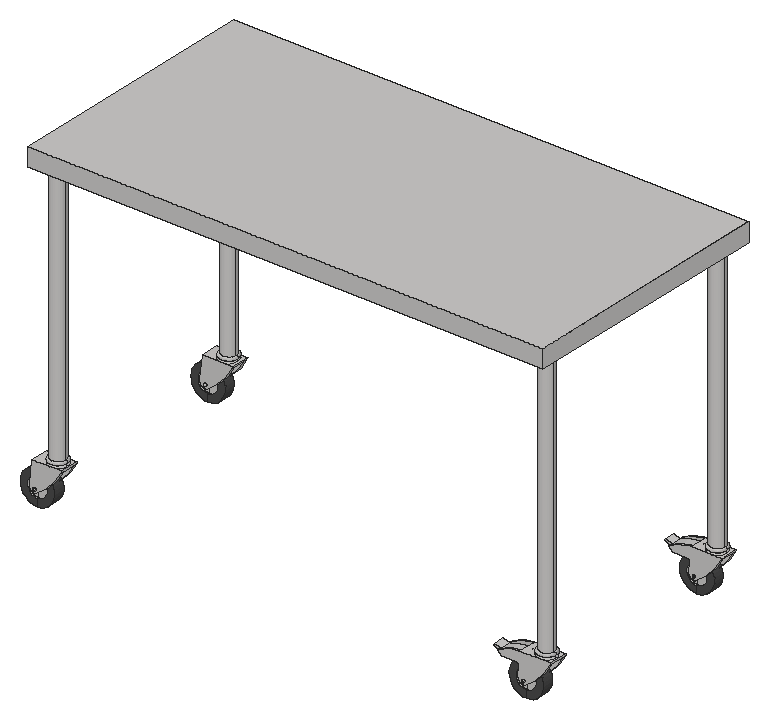
Revit family "QF_ELECTROLUXPROFESSIONAL_133166_TG1400ENR", category Attrezzature speciali, Revit 2020
Family settings
  Quota connettore circolare = Usa diametro
  Tipo di parte = Normale
  Basato su piano di lavoro = No
  Sempre verticale = Sì
  Taglio con vuoti quando caricato = No
  Condiviso = No
  Punto di calcolo locali = No
Parameters (values of type "Standard")
  Weight = 45.00 kg
  Watts = 0 W
  Volts = 0 V
  URL Manufacturer = "https://www.electroluxprofessional.com/"
  URL = "https://www.electroluxprofessional.com/"
  Steam Supply Size = 0 mm
  Steam Supply Minimum Pressure = 0.0 Pa
  Steam Supply Maximum Pressure = 0.0 Pa
  Steam Consumption per Hour = 0
  Refrigeration Suction Line Size = 0.0 mm
  Refrigeration Liquid Line Size = 0.0 mm
  Refrigerant Compressor Remote = yes
  Prospetto di default = 0.0 mm
  Produttore = "Electrolux Professional"
  Phase = 0
  Modello = "TG1400ENR"
  Length Actual = 1400.0 mm  # constant formula
  Item Number = "133166"
  Hot Water Size = 0 mm
  Height Actual = 900.0 mm  # constant formula
  HP = "0 HP"
  Gas Size = 0 mm
  Gas KW = 0
  Gas Input Pressure = 0 W
  Direct Waste Size = 0 mm
  Descrizione = "WORK TABLE ON WHEELS 1400MM H900"
  Depth Actual = 700.0 mm  # constant formula
  Cycle = 0 Hz
  Condensate Return Size = 0 mm
  Compressed Air Volume = 0.0 L/s
  Compressed Air Size = 0 mm
  Compressed Air Pressure = 0.0 Pa
  Cold Water Size = 0 mm
  Accessory = yes
Reference planes
  plane 1 "Center (Front/Back)": y = 0
  plane 2: z = 0
  plane 3 "Center (Left/Right)": x = -100
  plane 4 "LEFT": x = -800
  plane 5 "RIGHT": x = 600
  plane 6 "BACK": y = 350
  plane 7 "FRONT": y = -350
  plane 8 "Base": z = 850
  plane 9 "TOP": z = 900
  plane 10: x = -764.5
  plane 11: x = 564.5
  plane 12: y = 290
  plane 13: y = -290
Forms (mm)
  Extrusion 1, solid, material "QF_Finishes_Stainless Steel"
    sketch origin (0, 0, 900) x (0, 1, 0) y (-1, 0, 0)
      loop
        line (350, 800) -> (-350, 800) -> (-350, -600) -> (350, -600) -> (350, 800)
    from 0 to -50
  Extrusion 2, solid, material "QF_Finishes_Stainless Steel"
    sketch origin (-100, 0, 0) x (0, 1, 0) y (0, 0, 1)
      loop
        line (350, 900) -> (-350, 900) -> (-350, 850) -> (350, 850) -> (350, 900)
    from 700 to -700
Lines and regions (mm)
  symbolic lines
    curve 1: line (600, 350, 900) -> (-800, 350, 900)
    curve 2: line (-800, 350, 900) -> (-800, -350, 900)
    curve 3: line (-800, -350, 900) -> (600, -350, 900)
    curve 4: line (600, -350, 900) -> (600, 350, 900)
Dimensions and locks
  plane 4 "LEFT" to plane 5 "RIGHT" = 1400.0 mm
  equal spacing: plane 4 "LEFT", plane 3 "Center (Left/Right)", plane 5 "RIGHT"
  equal spacing: plane 6 "BACK", plane 1 "Center (Front/Back)", plane 7 "FRONT"
  plane 6 "BACK" to plane 7 "FRONT" = 700.0 mm
  plane 8 "Base" to level = 850.0 mm
  plane 9 "TOP" to level = 900.0 mm
  plane 6 "BACK" to plane 12 = 60.0 mm
  plane 13 to plane 7 "FRONT" = 60.0 mm
  plane 4 "LEFT" to plane 10 = 35.5 mm
  plane 11 to plane 5 "RIGHT" = 35.5 mm
  plane 10 to plane 11 = 1329.0 mm
  plane 12 to plane 13 = 580.0 mm
  aligned and locked: level to plane 2
  aligned and locked: plane 10 to nested 1
  aligned and locked: nested 1 to plane 13
  aligned and locked: plane 11 to nested 2
  aligned and locked: nested 2 to plane 13
  aligned and locked: plane 11 to nested 4
  aligned and locked: nested 4 to plane 12
  aligned and locked: plane 10 to nested 3
  aligned and locked: nested 3 to plane 12
  aligned and locked: Extrusion 1 sketch curve to plane 6 "BACK"
  aligned and locked: Extrusion 1 sketch curve to plane 4 "LEFT"
  aligned and locked: Extrusion 1 sketch curve to plane 7 "FRONT"
  aligned and locked: Extrusion 1 sketch curve to plane 5 "RIGHT"
  aligned and locked: plane 12 to nested 6
  aligned and locked: plane 11 to nested 6
  aligned and locked: plane 13 to nested 5
  aligned and locked: plane 10 to nested 5
  aligned and locked: plane 12 to nested 7
  aligned and locked: plane 10 to nested 7
  aligned and locked: plane 11 to nested 8
  aligned and locked: plane 13 to nested 8
  aligned and locked: Extrusion 2 sketch curve to plane 6 "BACK"
  aligned and locked: Extrusion 2 sketch curve to plane 9 "TOP"
  aligned and locked: plane 8 "Base" to Extrusion 2 sketch curve
  aligned and locked: plane 7 "FRONT" to Extrusion 2 sketch curve
  aligned and locked: Extrusion 2 to plane 4 "LEFT"
  aligned and locked: plane 5 "RIGHT" to Extrusion 2
  aligned and locked: plane 6 "BACK" to Extrusion 2
  aligned and locked: Extrusion 2 to plane 7 "FRONT"
Automatic sketch dimensions
  curve 2 to plane 4 "LEFT" = 0.0 mm
  curve 2 to plane 7 "FRONT" = 0.0 mm
  curve 2 to plane 6 "BACK" = 0.0 mm
  curve 1 to plane 5 "RIGHT" = 0.0 mm
Nested families
  nested 1: "FEET_D40_WHEEL" at (-764.5, -290, 0), type "FEET_D40_WHEEL"
  nested 2: "FEET_D40_WHEEL" at (564.5, -290, 0), type "FEET_D40_WHEEL"
  nested 3: "FEET_D40_WHEEL" at (-764.5, 290, 0), type "FEET_D40_WHEEL"
  nested 4: "FEET_D40_WHEEL" at (564.5, 290, 0), type "FEET_D40_WHEEL"
  nested 5: "WHEEL130" at (-764.5, -190.35, 0), type "WHEEL130"
    with Type Mark "", Status "", Specification by User "", Revision Code "", Installed By "", Identify Quantity as Lot yes, Furnished By "", Foodservice Equipment Identifier yes
  nested 6: "WHEEL130_LOCKED" at (564.5, 389.65, 0), type "WHEEL130_LOCKED"
    with Type Mark "", Status "", Specification by User "", Revision Code "", Installed By "", Identify Quantity as Lot yes, Furnished By "", Foodservice Equipment Identifier yes
  nested 7: "WHEEL130" at (-764.5, 389.65, 0), type "WHEEL130"
    with Type Mark "", Status "", Specification by User "", Revision Code "", Installed By "", Identify Quantity as Lot yes, Furnished By "", Foodservice Equipment Identifier yes
  nested 8: "WHEEL130_LOCKED" at (564.5, -190.35, 0), type "WHEEL130_LOCKED"
    with Type Mark "", Status "", Specification by User "", Revision Code "", Installed By "", Identify Quantity as Lot yes, Furnished By "", Foodservice Equipment Identifier yes
Definition of nested family "FEET_D40_WHEEL"
  Parameters
    Default Elevation = 0.0 mm
    FEET = 850.0 mm
  Reference planes
    plane 1 "Center (Front/Back)": y = 0
    plane 2: z = 0
    plane 3 "Center (Left/Right)": x = 0
    plane 4: z = 850
  Forms (mm)
    Extrusion 1, solid
      sketch origin (0, 0, 0) x (1, 0, 0) y (0, 1, 0)
        loop
          circle (0, 0.002) r 20
      from 130 to 845
    Extrusion 2, solid
      sketch origin (0, 0, 0) x (1, 0, 0) y (0, 1, 0)
        loop
          circle (0, 0.002) r 30
      from 845 to 850
  Lines and regions (mm)
    symbolic lines
      curve 1: line (0, -1.503, 0) -> (0, 1.508, 0)
      curve 2: line (1.561, 0, 0) -> (-1.439, 0, 0)
  Dimensions and locks
    "FEET": plane 4 to plane 2
    aligned and locked: level to plane 2
  Automatic sketch dimensions
    plane 1 "Center (Front/Back)" to curve 2 = 0.0 mm
    curve 1 to plane 3 "Center (Left/Right)" = 0.0 mm
    curve 2 to plane 3 "Center (Left/Right)" = 1.439 mm
    plane 3 "Center (Left/Right)" to curve 2 = 1.561 mm
    plane 1 "Center (Front/Back)" to curve 1 = 1.503 mm
    curve 1 to plane 1 "Center (Front/Back)" = 1.508 mm
    Extrusion 1 sketch curve to plane 3 "Center (Left/Right)" = 0.0 mm
    Extrusion 1 sketch curve to plane 1 "Center (Front/Back)" = 0.002 mm
    Extrusion 2 sketch curve to plane 3 "Center (Left/Right)" = 0.0 mm
    Extrusion 2 sketch curve to plane 1 "Center (Front/Back)" = 0.002 mm
    radius of Extrusion 1 sketch curve = 20.0 mm
    radius of Extrusion 2 sketch curve = 30.0 mm
Definition of nested family "WHEEL130"
  Parameters
    Weight = ""
    URL Manufacturer = ""
    URL Cutsheet = ""
    URL = ""
    Type Mark [instance] = ""
    Status [instance] = ""
    Specification by User [instance] = ""
    Specification by Manufacturer = ""
    Serial Number = ""
    Seismic Rating = ""
    SMACNA No = ""
    Revision Code [instance] = ""
    Default Elevation = 0.0 mm
    Omniclass Number and Title = ""
    NAFEM Spec ID Number = ""
    Model = ""
    MasterSpec. = ""
    Manufacturer = ""
    Installed By [instance] = ""
    Identify Quantity as Lot [instance] = yes
    Furnished By [instance] = ""
    Foodservice Equipment Identifier [instance] = yes
    Description = ""
    CSI MasterFormat = ""
    CSI Master Format = ""
    Assembly Code = ""
  Reference planes
    plane 1: z = 0
    plane 2 "Center (Front/Back)": y = -99.65
    plane 3 "Center (Left/Right)": x = 0
    plane 4 "TOP": z = 130
    plane 5 "Center X Caster": x = -44
  Forms (mm)
    Revolve 1, solid
      sketch origin (-44, -53.609, -25.504) x (0, -1, 0) y (0, 0, 1)
        loop
          line (26.04, 72.523) -> (26.04, 66.136) -> (35.372, 66.136) -> (35.372, 45.418) -> (31.533, 45.418) -> (31.533, 25.504) -> (60.548, 25.504) -> (60.548, 45.418) -> (56.709, 45.418) -> (56.709, 66.136) -> (66.04, 66.136) -> (66.04, 72.523) -> (26.04, 72.523)
        loop
          line (71.04, 69.259) -> (72.755, 69.259) -> (74.056, 70.56) -> (74.056, 72.523) -> (71.04, 72.523) -> (71.04, 69.259)
        loop
          line (21.099, 69.259) -> (21.099, 72.523) -> (18.053, 72.523) -> (18.053, 70.56) -> (19.353, 69.259) -> (21.099, 69.259)
        axis (18.053, 72.523) -> (74.056, 72.523)
      angle from 0 to 360
    Extrusion 2, solid
      sketch origin (0, -99.65, 0) x (-1, 0, 0) y (0, 0, 1)
        loop
          line (51.098, 117.019) -> (-30.875, 117.019) -> (-30.453, 113.093)
          arc (-30.453, 113.093) -> (-1.61, 71.515) -> (37.622, 39.556) r 180.858
          arc (37.622, 39.556) -> (51.933, 40.484) -> (57.92, 53.515) r 14
          line (57.92, 53.515) -> (51.098, 117.019)
        loop
          circle (44, 47.019) r 3.264
      from -20 to -25
    Extrusion 3, solid
      sketch origin (0, -99.65, 0) x (-1, 0, 0) y (0, 0, 1)
        loop
          line (51.098, 117.019) -> (-30.875, 117.019) -> (-30.453, 113.093)
          arc (-30.453, 113.093) -> (-1.61, 71.515) -> (37.622, 39.556) r 180.858
          arc (37.622, 39.556) -> (51.933, 40.484) -> (57.92, 53.515) r 14
          line (57.92, 53.515) -> (51.098, 117.019)
        loop
          circle (44, 47.019) r 3.264
      from 20 to 25
    Revolve 4, solid
      sketch origin (0, -99.65, 0) x (-1, 0, 0) y (0, 0, 1)
        loop
          line (0, 130) -> (-20, 130)
          arc (-20, 130) -> (-23.905, 128.171) -> (-25, 124) r 5.083
          line (-25, 124) -> (-22.422, 124) -> (-22.422, 121.88) -> (-24.688, 117.019) -> (0, 117.019) -> (0, 130)
        axis (0, 130) -> (0, 117.019)
      angle from 0 to 360
    Extrusion 5, solid
      sketch origin (0, -99.65, 0) x (-1, 0, 0) y (0, 0, 1)
        loop
          line (-30.875, 117.019) -> (-30.453, 113.093) -> (51.519, 113.093) -> (51.098, 117.019) -> (-30.875, 117.019)
      from -20 to 20
  Cuts and joins
    joined: Extrusion 2, Extrusion 3, Extrusion 5
  Lines and regions (mm)
    symbolic lines
      curve 1: line (-10, -99.65, 0) -> (10, -99.65, 0)
      curve 2: line (0, -108.445, 0) -> (0, -90.405, 0)
  Dimensions and locks
    plane 4 "TOP" to level = 130.0 mm  (x3)
    aligned and locked: level to plane 1
Definition of nested family "WHEEL130_LOCKED"
  Parameters
    Weight = ""
    URL Manufacturer = ""
    URL Cutsheet = ""
    URL = ""
    Type Mark [instance] = ""
    Status [instance] = ""
    Specification by User [instance] = ""
    Specification by Manufacturer = ""
    Serial Number = ""
    Seismic Rating = ""
    SMACNA No = ""
    Revision Code [instance] = ""
    Default Elevation = 0.0 mm
    Omniclass Number and Title = ""
    NAFEM Spec ID Number = ""
    Model = ""
    MasterSpec. = ""
    Manufacturer = ""
    Installed By [instance] = ""
    Identify Quantity as Lot [instance] = yes
    Furnished By [instance] = ""
    Foodservice Equipment Identifier [instance] = yes
    Description = ""
    CSI MasterFormat = ""
    CSI Master Format = ""
    Assembly Code = ""
  Reference planes
    plane 1: z = 0
    plane 2 "Center (Front/Back)": y = -99.65
    plane 3 "Center (Left/Right)": x = 0
    plane 4 "TOP": z = 130
    plane 5 "Center X Caster": x = -44
  Forms (mm)
    Revolve 1, solid
      sketch origin (-44, -53.609, -25.504) x (0, -1, 0) y (0, 0, 1)
        loop
          line (26.04, 72.523) -> (26.04, 66.136) -> (35.372, 66.136) -> (35.372, 45.418) -> (31.533, 45.418) -> (31.533, 25.504) -> (60.548, 25.504) -> (60.548, 45.418) -> (56.709, 45.418) -> (56.709, 66.136) -> (66.04, 66.136) -> (66.04, 72.523) -> (26.04, 72.523)
        loop
          line (71.04, 69.259) -> (72.755, 69.259) -> (74.056, 70.56) -> (74.056, 72.523) -> (71.04, 72.523) -> (71.04, 69.259)
        loop
          line (21.099, 69.259) -> (21.099, 72.523) -> (18.053, 72.523) -> (18.053, 70.56) -> (19.353, 69.259) -> (21.099, 69.259)
        axis (18.053, 72.523) -> (74.056, 72.523)
      angle from 0 to 360
    Extrusion 2, solid
      sketch origin (0, -99.65, 0) x (-1, 0, 0) y (0, 0, 1)
        loop
          line (56.125, 117.019) -> (-30.875, 117.019) -> (-30.453, 113.093)
          arc (-30.453, 113.093) -> (-1.61, 71.515) -> (37.622, 39.556) r 180.858
          arc (37.622, 39.556) -> (51.933, 40.484) -> (57.92, 53.515) r 14
          line (57.92, 53.515) -> (55.234, 78.516)
          arc (55.234, 78.516) -> (57.071, 84.203) -> (62.528, 86.637) r 7.337
          line (62.528, 86.637) -> (102.952, 86.637) -> (113.559, 97.243)
          arc (113.559, 97.243) -> (85.909, 110.231) -> (56.125, 117.019) r 142.32
        loop
          circle (44, 47.019) r 3.264
      from -20 to -25
    Extrusion 3, solid
      sketch origin (0, -99.65, 0) x (-1, 0, 0) y (0, 0, 1)
        loop
          line (56.125, 117.019) -> (-30.875, 117.019) -> (-30.453, 113.093)
          arc (-30.453, 113.093) -> (-1.61, 71.515) -> (37.622, 39.556) r 180.858
          arc (37.622, 39.556) -> (51.933, 40.484) -> (57.92, 53.515) r 14
          line (57.92, 53.515) -> (55.234, 78.516)
          arc (55.234, 78.516) -> (57.071, 84.203) -> (62.528, 86.637) r 7.337
          line (62.528, 86.637) -> (102.952, 86.637) -> (113.559, 97.243)
          arc (113.559, 97.243) -> (85.909, 110.231) -> (56.125, 117.019) r 142.32
        loop
          circle (44, 47.019) r 3.264
      from 20 to 25
    Extrusion 4, solid
      sketch origin (0, -99.65, 0) x (-1, 0, 0) y (0, 0, 1)
        loop
          line (133.012, 98.841) -> (130.309, 103.34) -> (113.559, 97.243)
          arc (113.559, 97.243) -> (84.897, 105.851) -> (55.427, 111.06) r 256.377
          line (55.427, 111.06) -> (44.82, 111.06)
          arc (44.82, 111.06) -> (37.781, 106.584) -> (38.85, 98.311) r 7.772
          line (38.85, 98.311) -> (105.452, 92.484) -> (114.112, 87.484) -> (133.012, 98.841)
        loop
          circle (44, 105.324) r 3.494
      from -14.507 to 14.507
    Extrusion 5, solid
      sketch origin (0, -99.65, 0) x (-1, 0, 0) y (0, 0, 1)
        loop
          circle (44, 105.324) r 3.494
      from -20 to 20
    Revolve 6, solid
      sketch origin (0, -99.65, 0) x (-1, 0, 0) y (0, 0, 1)
        loop
          line (0, 130) -> (-20, 130)
          arc (-20, 130) -> (-23.905, 128.171) -> (-25, 124) r 5.083
          line (-25, 124) -> (-22.422, 124) -> (-22.422, 121.88) -> (-24.688, 117.019) -> (0, 117.019) -> (0, 130)
        axis (0, 130) -> (0, 117.019)
      angle from 0 to 360
    Extrusion 7, solid
      sketch origin (0, -99.65, 0) x (-1, 0, 0) y (0, 0, 1)
        loop
          line (-30.875, 117.019) -> (-30.453, 113.093) -> (51.519, 113.093) -> (51.098, 117.019) -> (-30.875, 117.019)
      from -20 to 20
  Cuts and joins
    joined: Extrusion 2, Extrusion 3, Extrusion 7
  Lines and regions (mm)
    symbolic lines
      curve 1: line (11.908, -99.65, 0) -> (-11.403, -99.65, 0)
      curve 2: line (0, -111.652, 0) -> (0, -88.928, 0)
  Dimensions and locks
    plane 4 "TOP" to level = 130.0 mm  (x3)
    aligned and locked: level to plane 1
